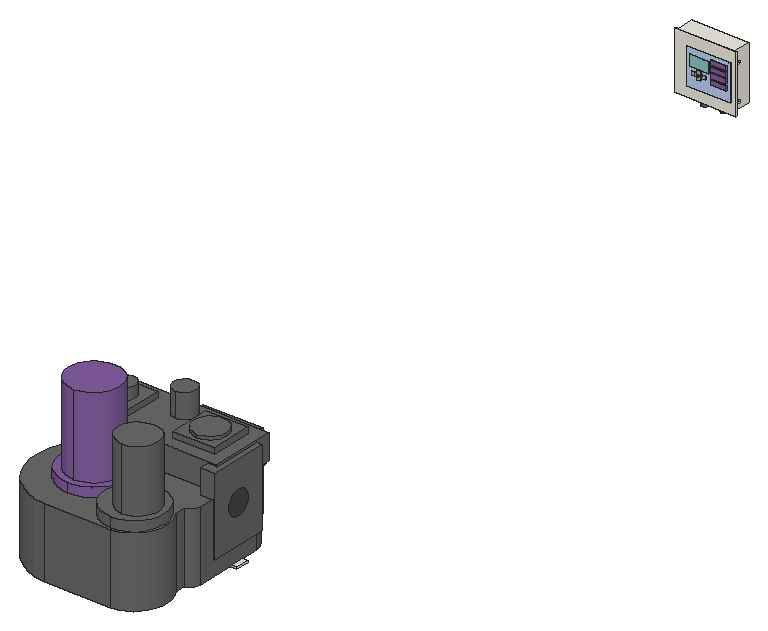
Revit family "28646-c", category Generic Models, Revit 2021
Family settings
  Can host rebar = No
  Round Connector Dimension = Use Diameter
  Part Type = Normal
  Work Plane-Based = No
  Always vertical = Yes
  Cut with Voids When Loaded = No
  Shared = Yes
  Room Calculation Point = No
Parameters (values of type "28646-C")
  SUPPLIER = "KESSEL"
  SA700ID50 = "intern"
  SA700ID49 = "Protection Class I"
  SA700ID48 = "no"
  SA700ID47 = "no"
  SA700ID46 = "yes"
  SA700ID37 = 7000 mm
  SA700ID34 = 38
  SA700ID33 = 1.6 W
  SA700ID32 = 46.75 kg
  SA700ID31 = 1
  SA700ID30 = 1
  SA700ID29 = "RWDR"
  SA700ID21 = 700
  SA700ID10 = "No"
  SA700ID08 = 230 V
  PROCUREWEBLINK = "https://p.caden.as/kessel/28646-C"
  PROCURELINK = "p.caden.as/kessel/28646-C"
  PROCUREDATALASTUPDATE = "2024-05-22T12:18:24.542421184+01:00"
  PRC_SPECIFICATIONLINK = "https://ausschreiben.de/catalog/kessel/catalogItem/4cf201f4-aa0f-46b4-a3e3-3f757cfe2bd4"
  NN = "Lifting station Aqualift F"
  NBSYN = "$SA810ID03."
  NB = "28646-C"
  Model = "28646-C"
  Manufacturer = "KESSEL"
  MIdent = "{$CADENAS_DATA/23d-libs/kessel/kessel_vdi_import/4/entwaesserung/hebeanlage20aqualift20f.prj},202 {STYP=ASS},{VTYP=3D},{NB=28646-C},{LINA=28646-C},{NN=Lifting station Aqualift F},{DATE=21.11.2022 10:45:45},{GEOMDATE=21.11.2022 10:45:45},{VERSION=},{LINEID=110},{WBVAR=LODLEVEL},{WBNUMERIC=LODLEVEL}  {NB=28646-C},{LINA=28646-C},{KT=DUMMY},{PREVIEW=../../bilder/ksb_w_28646c.png},{SA700ID04=Hebeanlage Aqualift F, Mono, Comfort, SPF 1400-S3},{SA810ID06=04026092058473},{SA700ID34=38.00},{SA010ID03=201805},{SA810ID03=28646-C},{SA810ID10=Die Hebeanlage für fäkalienhaltiges und fäkalienfreies Abwasser ist mit einer überflutbaren Pumpe sowie einem Rückflussverhinderer ausgestattet. Der Sammelbehälter aus dauerhaft beständigem Kunststoff (PE) bietet universale Anschlussmöglichkeiten und hat eine verschraubte Reinigungsöffnung.Die Steuerung erfolgt durch ein anwenderfreundliches Schaltgerät, das optional über einen potentialfreien Kontakt in die Gebäudeleittechnik eingebunden werden oder Alarm- und Sammelstörmeldungen über eine GSM-Schnittstelle (Comfort Schaltgerät) ausgeben kann.Ausführung:Absperreinrichtung: ohne SchieberAnlagenart: EinzelanlagePumpensteuerung: SchaltgerätRückflussverhinderer: integriertSchalldämmmatte: jaEinbausituation: freie AufstellungAbwasserart: fäkalienhaltigAllgemeine Merkmale:Farbe: schwarzNorm: EN 12050-1Abmessungen:Länge: 564 mmBreite: 525 mmHöhe: 539 mmBehälter/Grundkörper:Zulauf Anzahl: 1 STZulauf Nennweite (DN): 100 mmZulauf Nennweite (DA): 110 mmZulauf max. Anbohrung (DN): 150 mmAbstand Rohrsohle Zulauf zu Behälterboden: 125 mmAbstand Rohrmitte Zulauf zu Behälterboden: 180 mmAnschluss für Handmembranpumpe (DN): 32Behältervolumen: 50 lDruckabgang: senkrechtDruckabgang (DA): 110 mmDruckabgang (DN): 100 mmEntlüftungsanschluss (DN): 70 mmNutzvolumen: 20 lFreier Kugeldurchgang: 40 mmFördereinrichtung:Pumpe: SPF 1400Anzahl Pumpen: 1Förderhöhe max.: 7 mFörderleistung max.: 38 m3/hBetriebsart: S3 - 50 %Leistung P1: 1,6 kWLeistung P2: 1,1 kWDrehzahl: 1.370 U/minFörderguttemperatur (dauerhaft) max.: 40 °CAnschlusstyp: codierter SteckerGewicht: 25 kgLaufrad Typ: FreistromradLänge Netzanschlussleitung Pumpe: 5 mNennstrom: 7,3 ASchutzart Pumpe: IP 68 (3m/48h)Schutzklasse: ITyp Anschlussleitung Pumpe: H07RN-F 3G 1,0 mm2Temperaturüberwachung: integriertSteuerung:Schaltgerät: ComfortBetriebsspannung: 230 VNetzfrequenz: 50 HzSelbstdiagnosesystem (SDS): jaBatteriepufferung: jaMehrzeilige Displayanzeige: jaLogbuchfunktion: jaUSB-Schnittstelle: jaGSM-Schnittstelle: jaPotentialfreier Kontakt: optionalErforderliche Absicherung (Leitungsschutz): C 16 ASchutzart Schaltgerät: IP 54Länge Netzanschlussleitung Schaltgerät: 1,4 mArt Niveauerfassung: pneumatischInstrument Niveauerfassung: TauchrohrAlarmgeber: Tauchrohr},{SA700ID37=7.00},{SA700ID33=1.60},{SA700ID08=230},{SA700ID30=1},{SA700ID32=46.75},{SA700ID49=Schutzklasse I},{SA700ID50=intern},{SA200ID03=6},{SA250ID03=vertikal},{SA260ID03=Trockenläuferpumpe},{SA350ID03=normalansaugend},{SA400ID03=E-Motor für Wechselstrom},{SA460ID03=direkt},{SA500ID03=Kunststoff, Edelstahl},{SA700ID06=100},{SA700ID07=100},{SA700ID09=1/N/PE 230V},{SA700ID10=Nein},{SA700ID11=50},{SA700ID12=IP 68},{SA700ID13=F},{SA700ID15=40},{SA700ID21=700.00},{SA700ID22=1.10},{SA700ID23=1370},{SA700ID24=1370},{SA700ID26=7.30},{SA700ID27=23.00},{SA700ID28=durchgehend},{SA700ID29=RWDR},{SA700ID31=1},{SA700ID46=ja},{SA700ID47=nein},{SA700ID48=nein},{SA110ID04=Hebeanlage Aqualift F},{SA300ID03=einstufig},{SA700ID44=10.00},{SA700ID45=10.00},{SA010ID04=KESSEL AG},{LODLEVEL=200},{LINK=https://www.kessel.de/info?han=28646-C},{SA970ID01=970},{SA970ID02=7003},{SA970ID03=28646-C},{SA970ID04=11002617},{SA970ID05=QUAD},{SA970ID06=-285.5},{SA970ID07=-493.5100098},{SA970ID08=0},{SA970ID09=1},{SA970ID10=0},{SA970ID11=0},{SA970ID12=0},{SA970ID13=1},{SA970ID14=0},{SA970ID15=560},{SA970ID16=638.51001},{SA970ID17=537},{LODLEVEL_=200,'Low'},{LODLEVEL_DEU=200,'Low'},{LINK_=https://www.kessel.de/info?han=28646-C},{LINK_DEU=https://www.kessel.de/info?han=28646-C},{LODLEVEL_3DB=28646-C_200},{DNIN1=100},{DNIN2=70},{DNIN3=10},{DNIN4=50},{DNIN5=MIN},{DNIN6=MIN},{DNIN7=MIN},{DNIN8=MIN},{DNIN9=MIN},{DNOUT1=100},{DNOUT2=70},{DNOUT3=32},{ISDIN1=75},{ISDIN2=10.000},{ISDIN3=10},{ISDOUT1=70.000},{ISDOUT2=79.500},{ISDOUT3=75},{SA010ID01=010},{SA010ID02=4},{SA010ID06=www.kessel.de},{SA010ID07=www.kessel.de},{SA010ID12=20180713},{SA010ID13=DEU},{SA010ID14=DE},{SA100ID01=100},{SA100ID02=4},{SA100ID04=Entwässerung},{SA110ID01=110},{SA110ID02=4},{SA200ID01=200},{SA200ID02=6},{SA250ID01=250},{SA250ID02=2},{SA260ID01=260},{SA260ID02=2},{SA300ID01=300},{SA300ID02=1},{SA350ID01=350},{SA350ID02=1},{SA400ID01=400},{SA400ID02=1},{SA460ID01=460},{SA460ID02=1},{SA500ID01=500},{SA500ID02=1},{SA700ID01=700},{SA700ID02=29},{SA700ID10_=0},{SA700ID16=0},{SA700ID25=0},{SA700ID46_=1},{SA700ID47_=0},{SA700ID48_=0},{SA700ID49_=1},{SA700ID50_=2},{SA800ID01=800},{SA800ID02=29},{SA810ID01=810},{SA810ID02=29},{SA810ID04=28646-C},{SA810ID07=29},{SA810ID09=1},{SA810ID14=PCE},{SA810ID15=1},{SA810ID16=NMP},{SA960ID03=29},{SA960ID04=3L},{SA960ID08=https://www.kessel.de/info?han=28646-C},{SA010ID08=4026092000007},{SA100ID05=Hebeanlage},{SA110ID06=Hebeanlage}"
  LINK = "https://www.kessel.de/info?han=28646-C"
  LINA = "28646-C"
  Default Elevation = 0 mm
  CREATOR = "CADENAS GmbH"
  CATALOG = "KESSEL"
  BOMINFO = "LINA"
  ARTICLENO = "NB"
  4.810.00.9 Order quantity (multiplicator) = "1"
  4.810.00.7 Media- connection number = "29"
  4.810.00.6 GTIN number = "04026092058473"
  4.810.00.4 DATANORM number = "28646-C"
  4.810.00.3 Producer order number = "28646-C"
  4.710.03.7 Mass (net) = 46.75 kg
  4.710.03.6 Height = 539 mm
  4.710.03.5 Width = 525 mm
  4.710.03.4 Length = 564 mm
  4.710.03.3 Type of dimensions = "2"
  4.710.02.8 Area of application of wastewater pump = "1"
  4.710.02.7 Art des S2/S3-Betriebs = "50 %"
  4.710.02.6 Duty type = "S3"
  4.710.02.5 Cutting device = "0"
  4.710.02.4 Attached pump control = "1"
  4.710.02.3 Free passage = 40 mm
  4.710.01.6 Option to connect to building automation = "40"
  4.710.01.5 Load regulation = "0"
  4.710.01.4 Designation of closed-loop control = "20"
  4.710.01.3 Identifier for closed-loop control = "50"
  4.700.00.9 Voltage = 0
  4.700.00.8 Nominal connection size on suction side = "100"
  4.700.00.7 Nominal connection size on pressure side = "100"
  4.700.00.6 Type of connection = "100"
  4.700.00.4 Product indentification = "Hebeanlage Aqualift F, Mono, Comfort, SPF 1400-S3"
  4.700.00.28 Motor pump shaft = "durchgehend"
  4.700.00.27 Starting current = 23
  4.700.00.26 Maximum power consumption per pump / drive = 7.3
  4.700.00.25 Minimum speed at internal speed adjustment = 0
  4.700.00.24 Nominal speed / maximum speed n = 22.8333
  4.700.00.23 Nominal speed of motor = 22.8333
  4.700.00.22 Maximum shaft output (P2) per pump/drive = 1.1 W
  4.700.00.16 Maximum temperature of pumped medium = 0 °C
  4.700.00.15 Increased safety class = "40 °C"
  4.700.00.13 Type of protection = "F"
  4.700.00.12 Frequency = 0
  4.700.00.11 Stern-/Dreieck-Anlaufschaltung bei Dreiphasenanschluss oder Drehstrom = "50 Hz"
  4.700.00.10 Phase = "0"
  4.500.00.3 Variant / Variant type / Accessories-name = "Kunststoff, Edelstahl"
  4.460.00.3 Variant / Variant type / Accessories-name = "direkt"
  4.400.00.3 Variant / Variant type / Accessories-name = "E-Motor für Wechselstrom"
  4.350.00.3 Variant / Variant type / Accessories-name = "normalansaugend"
  4.300.00.3 Variant / Variant type / Accessories-name = "einstufig"
  4.260.00.3 Variant / Variant type / Accessories-name = "Trockenläuferpumpe"
  4.250.00.3 Variant / Variant type / Accessories-name = "vertikal"
  4.200.00.3 Variant / Variant type / Accessories-name = "6"
  4.110.00.6 Product classification = "Hebeanlage"
  4.110.00.4 Product indentification = "Hebeanlage Aqualift F"
  4.100.00.5 Main groups of wares = "Hebeanlage"
  4.100.00.4 Product indentification = "Entwässerung"
  4.010.00.8 Producer ID number = "4026092000007"
  4.010.00.7 Comment = "www.kessel.de"
  4.010.00.6 Web address of the manufacturer = "www.kessel.de"
  4.010.00.4 Manufacturer name = "KESSEL AG"
  4.010.00.3 Date of issuance (month) of guideline = "201805"
  4.010.00.2 Sheet number of the guideline = "4"
  4.010.00.14 Kennungen der Projektländer, für die die Datei gültig ist = "DE"
  4.010.00.13 Sprache der Datei = "DEU"
  4.010.00.12 Stand des Herstellerkatalogs = "20180713"
Reference planes
  plane 1 "Center (Front/Back)": y = 0
  plane 2: z = 0
  plane 3 "Center (Left/Right)": x = 0
Dimensions and locks
  aligned and locked: level to plane 2
Nested families
  nested 1: "28646-c_content" at (0, 0, 0), type "28646-C_Content"
  nested 2: "28646-c_part1_X0Y0" at (1000, 1000, 1200), type "28646-C_PART1_X0Y0"
  nested 3: "28646-c_part2_X0Y0" at (0, 0, 0), type "28646-C_PART2_X0Y0"
Connectors
  electrical at (936.5, 972.5, 1166.5)
    settings: on nested 2, index 1, voltage 0 V, apparent load 0 VA, apparent load phase1 0 VA, apparent load phase2 0 VA, apparent load phase3 0 VA, power factor 1, load classification "Other", number of poles 1, system type 31, power factor state 1, is connector primary yes, connector utility no, sub classification motor no, connector description ""
  piping at (105.4, 145, 181), diameter 100
    settings: on nested 3, index 2, connector inside diameter 609.6 mm, connector length 0 mm, flow factor 0, pipe flow 0.0 L/s, pressure drop 0.0 Pa, fitting loss kfactor 0, connector angle 0.00°, fixture units 0, engagement length 0 mm, angle of deflection 0.00°, flow configuration 0, flow direction 1, fitting loss method 2, system type 29, joint type 0, gender type 0, connector reference index -1, connector utility 0, adjustable connector no, is connector primary yes, connector description ""
  piping at (261, -99.998, 186), diameter 70
    settings: on nested 3, index 3, connector inside diameter 609.6 mm, connector length 0 mm, flow factor 0, pipe flow 0.0 L/s, pressure drop 0.0 Pa, fitting loss kfactor 0, connector angle 0.00°, fixture units 0, engagement length 0 mm, angle of deflection 0.00°, flow configuration 0, flow direction 0, fitting loss method 2, system type 29, joint type 0, gender type 0, connector reference index -1, connector utility 0, adjustable connector no, is connector primary no, connector description ""
  piping at (0, 0, 401), diameter 70
    settings: on nested 3, index 4, connector inside diameter 609.6 mm, connector length 0 mm, flow factor 0, pipe flow 0.0 L/s, pressure drop 0.0 Pa, fitting loss kfactor 0, connector angle 0.00°, fixture units 0, engagement length 0 mm, angle of deflection 0.00°, flow configuration 0, flow direction 2, fitting loss method 2, system type 29, joint type 0, gender type 0, connector reference index -1, connector utility 0, adjustable connector no, is connector primary no, connector description ""
  piping at (105.4, 145, 81), diameter 32
    settings: on nested 3, index 5, connector inside diameter 609.6 mm, connector length 0 mm, flow factor 0, pipe flow 0.0 L/s, pressure drop 0.0 Pa, fitting loss kfactor 0, connector angle 0.00°, fixture units 0, engagement length 0 mm, angle of deflection 0.00°, flow configuration 0, flow direction 2, fitting loss method 2, system type 29, joint type 0, gender type 0, connector reference index -1, connector utility 0, adjustable connector no, is connector primary no, connector description ""
  piping at (150.4, -384, 476), diameter 100
    settings: on nested 3, index 6, connector inside diameter 609.6 mm, connector length 0 mm, flow factor 0, pipe flow 0.0 L/s, pressure drop 0.0 Pa, fitting loss kfactor 0, connector angle 0.00°, fixture units 0, engagement length 0 mm, angle of deflection 0.00°, flow configuration 0, flow direction 2, fitting loss method 2, system type 29, joint type 0, gender type 0, connector reference index -1, connector utility 0, adjustable connector no, is connector primary no, connector description ""
  electrical at (-65, -299.8, 537)
    settings: on nested 3, index 7, voltage 0 V, apparent load 0 VA, apparent load phase1 0 VA, apparent load phase2 0 VA, apparent load phase3 0 VA, power factor 1, load classification "Other", number of poles 1, system type 31, power factor state 1, is connector primary no, connector utility no, sub classification motor no, connector description ""
  electrical at (-165.999, -46, 376.6)
    settings: on nested 3, index 8, voltage 0 V, apparent load 0 VA, apparent load phase1 0 VA, apparent load phase2 0 VA, apparent load phase3 0 VA, power factor 1, load classification "Other", number of poles 1, system type 31, power factor state 1, is connector primary no, connector utility no, sub classification motor no, connector description ""
Definition of nested family "28646-c_part1_X0Y0"
  Parameters (values of type "28646-C_PART1_X0Y0")
    SUPPLIER = "KESSEL"
    SA700ID50 = "intern"
    SA700ID49 = "Protection Class I"
    SA700ID48 = "no"
    SA700ID47 = "no"
    SA700ID46 = "yes"
    SA700ID37 = 7000 mm
    SA700ID34 = 38
    SA700ID33 = 1.6 W
    SA700ID32 = 46.75 kg
    SA700ID31 = 1
    SA700ID30 = 1
    SA700ID29 = "RWDR"
    SA700ID21 = 700
    SA700ID10 = "No"
    SA700ID08 = 230 V
    NBSYN = "$SA810ID03._PART1"
    NB = "28646-C_PART1"
    Model = "28646-C_PART1"
    Manufacturer = "KESSEL"
    MIdent = "{$CADENAS_DATA/23d-libs/kessel/kessel_vdi_import/4/entwaesserung/hebeanlage20aqualift20f.prj},222 {VTYP=3D},{NB=28646-C_PART1},{LINA=28646-C_PART1},{NN=Lifting station Aqualift F_PART1},{NOPRJ=TRUE},{DATE=21.11.2022 10:45:45},{GEOMDATE=21.11.2022 10:45:45},{VERSION=},{LINEID=110},{WBVAR=LODLEVEL},{WBNUMERIC=LODLEVEL}  {NB=28646-C_PART1},{LINA=28646-C_PART1},{KT=DUMMY},{PREVIEW=../../bilder/ksb_w_28646c.png},{SA700ID04=Hebeanlage Aqualift F, Mono, Comfort, SPF 1400-S3},{SA810ID06=04026092058473},{SA700ID34=38.00},{SA010ID03=201805},{SA810ID03=28646-C},{SA810ID10=Die Hebeanlage für fäkalienhaltiges und fäkalienfreies Abwasser ist mit einer überflutbaren Pumpe sowie einem Rückflussverhinderer ausgestattet. Der Sammelbehälter aus dauerhaft beständigem Kunststoff (PE) bietet universale Anschlussmöglichkeiten und hat eine verschraubte Reinigungsöffnung.Die Steuerung erfolgt durch ein anwenderfreundliches Schaltgerät, das optional über einen potentialfreien Kontakt in die Gebäudeleittechnik eingebunden werden oder Alarm- und Sammelstörmeldungen über eine GSM-Schnittstelle (Comfort Schaltgerät) ausgeben kann.Ausführung:Absperreinrichtung: ohne SchieberAnlagenart: EinzelanlagePumpensteuerung: SchaltgerätRückflussverhinderer: integriertSchalldämmmatte: jaEinbausituation: freie AufstellungAbwasserart: fäkalienhaltigAllgemeine Merkmale:Farbe: schwarzNorm: EN 12050-1Abmessungen:Länge: 564 mmBreite: 525 mmHöhe: 539 mmBehälter/Grundkörper:Zulauf Anzahl: 1 STZulauf Nennweite (DN): 100 mmZulauf Nennweite (DA): 110 mmZulauf max. Anbohrung (DN): 150 mmAbstand Rohrsohle Zulauf zu Behälterboden: 125 mmAbstand Rohrmitte Zulauf zu Behälterboden: 180 mmAnschluss für Handmembranpumpe (DN): 32Behältervolumen: 50 lDruckabgang: senkrechtDruckabgang (DA): 110 mmDruckabgang (DN): 100 mmEntlüftungsanschluss (DN): 70 mmNutzvolumen: 20 lFreier Kugeldurchgang: 40 mmFördereinrichtung:Pumpe: SPF 1400Anzahl Pumpen: 1Förderhöhe max.: 7 mFörderleistung max.: 38 m3/hBetriebsart: S3 - 50 %Leistung P1: 1,6 kWLeistung P2: 1,1 kWDrehzahl: 1.370 U/minFörderguttemperatur (dauerhaft) max.: 40 °CAnschlusstyp: codierter SteckerGewicht: 25 kgLaufrad Typ: FreistromradLänge Netzanschlussleitung Pumpe: 5 mNennstrom: 7,3 ASchutzart Pumpe: IP 68 (3m/48h)Schutzklasse: ITyp Anschlussleitung Pumpe: H07RN-F 3G 1,0 mm2Temperaturüberwachung: integriertSteuerung:Schaltgerät: ComfortBetriebsspannung: 230 VNetzfrequenz: 50 HzSelbstdiagnosesystem (SDS): jaBatteriepufferung: jaMehrzeilige Displayanzeige: jaLogbuchfunktion: jaUSB-Schnittstelle: jaGSM-Schnittstelle: jaPotentialfreier Kontakt: optionalErforderliche Absicherung (Leitungsschutz): C 16 ASchutzart Schaltgerät: IP 54Länge Netzanschlussleitung Schaltgerät: 1,4 mArt Niveauerfassung: pneumatischInstrument Niveauerfassung: TauchrohrAlarmgeber: Tauchrohr},{SA700ID37=7.00},{SA700ID33=1.60},{SA700ID08=230},{SA700ID30=1},{SA700ID32=46.75},{SA700ID49=Schutzklasse I},{SA700ID50=intern},{SA200ID03=6},{SA250ID03=vertikal},{SA260ID03=Trockenläuferpumpe},{SA350ID03=normalansaugend},{SA400ID03=E-Motor für Wechselstrom},{SA460ID03=direkt},{SA500ID03=Kunststoff, Edelstahl},{SA700ID06=100},{SA700ID07=100},{SA700ID09=1/N/PE 230V},{SA700ID10=Nein},{SA700ID11=50},{SA700ID12=IP 68},{SA700ID13=F},{SA700ID15=40},{SA700ID21=700.00},{SA700ID22=1.10},{SA700ID23=1370},{SA700ID24=1370},{SA700ID26=7.30},{SA700ID27=23.00},{SA700ID28=durchgehend},{SA700ID29=RWDR},{SA700ID31=1},{SA700ID46=ja},{SA700ID47=nein},{SA700ID48=nein},{SA110ID04=Hebeanlage Aqualift F},{SA300ID03=einstufig},{SA700ID44=10.00},{SA700ID45=10.00},{SA010ID04=KESSEL AG},{LODLEVEL=200},{LINK=https://www.kessel.de/info?han=28646-C},{SA970ID01=970},{SA970ID02=7003},{SA970ID03=28646-C},{SA970ID04=11002617},{SA970ID05=QUAD},{SA970ID06=-285.5},{SA970ID07=-493.5100098},{SA970ID08=0},{SA970ID09=1},{SA970ID10=0},{SA970ID11=0},{SA970ID12=0},{SA970ID13=1},{SA970ID14=0},{SA970ID15=560},{SA970ID16=638.51001},{SA970ID17=537},{LODLEVEL_=200,'Low'},{LODLEVEL_DEU=200,'Low'},{LINK_=https://www.kessel.de/info?han=28646-C},{LINK_DEU=https://www.kessel.de/info?han=28646-C},{LODLEVEL_3DB=28646-C_200},{DNIN1=100},{DNIN2=70},{DNIN3=10},{DNIN4=50},{DNIN5=MIN},{DNIN6=MIN},{DNIN7=MIN},{DNIN8=MIN},{DNIN9=MIN},{DNOUT1=100},{DNOUT2=70},{DNOUT3=32},{ISDIN1=75},{ISDIN2=10.000},{ISDIN3=10},{ISDOUT1=70.000},{ISDOUT2=79.500},{ISDOUT3=75},{SA010ID01=010},{SA010ID02=4},{SA010ID06=www.kessel.de},{SA010ID07=www.kessel.de},{SA010ID12=20180713},{SA010ID13=DEU},{SA010ID14=DE},{SA100ID01=100},{SA100ID02=4},{SA100ID04=Entwässerung},{SA110ID01=110},{SA110ID02=4},{SA200ID01=200},{SA200ID02=6},{SA250ID01=250},{SA250ID02=2},{SA260ID01=260},{SA260ID02=2},{SA300ID01=300},{SA300ID02=1},{SA350ID01=350},{SA350ID02=1},{SA400ID01=400},{SA400ID02=1},{SA460ID01=460},{SA460ID02=1},{SA500ID01=500},{SA500ID02=1},{SA700ID01=700},{SA700ID02=29},{SA700ID10_=0},{SA700ID16=0},{SA700ID25=0},{SA700ID46_=1},{SA700ID47_=0},{SA700ID48_=0},{SA700ID49_=1},{SA700ID50_=2},{SA800ID01=800},{SA800ID02=29},{SA810ID01=810},{SA810ID02=29},{SA810ID04=28646-C},{SA810ID07=29},{SA810ID09=1},{SA810ID14=PCE},{SA810ID15=1},{SA810ID16=NMP},{SA960ID03=29},{SA960ID04=3L},{SA960ID08=https://www.kessel.de/info?han=28646-C},{SA010ID08=4026092000007},{SA100ID05=Hebeanlage},{SA110ID06=Hebeanlage}"
    LINK = "https://www.kessel.de/info?han=28646-C"
    LINA = "28646-C_PART1"
    Default Elevation = 1219.2 mm
    CREATOR = "CADENAS GmbH"
    CATALOG = "KESSEL"
    BOMINFO = "LINA"
    ARTICLENO = "NB"
    4.810.00.9 Order quantity (multiplicator) = "1"
    4.810.00.7 Media- connection number = "29"
    4.810.00.6 GTIN number = "04026092058473"
    4.810.00.4 DATANORM number = "28646-C"
    4.810.00.3 Producer order number = "28646-C"
    4.710.03.7 Mass (net) = 46.75 kg
    4.710.03.6 Height = 539 mm
    4.710.03.5 Width = 525 mm
    4.710.03.4 Length = 564 mm
    4.710.03.3 Type of dimensions = "2"
    4.710.02.8 Area of application of wastewater pump = "1"
    4.710.02.7 Art des S2/S3-Betriebs = "50 %"
    4.710.02.6 Duty type = "S3"
    4.710.02.5 Cutting device = "0"
    4.710.02.4 Attached pump control = "1"
    4.710.02.3 Free passage = 40 mm
    4.710.01.6 Option to connect to building automation = "40"
    4.710.01.5 Load regulation = "0"
    4.710.01.4 Designation of closed-loop control = "20"
    4.710.01.3 Identifier for closed-loop control = "50"
    4.700.00.9 Voltage = 0
    4.700.00.8 Nominal connection size on suction side = "100"
    4.700.00.7 Nominal connection size on pressure side = "100"
    4.700.00.6 Type of connection = "100"
    4.700.00.4 Product indentification = "Hebeanlage Aqualift F, Mono, Comfort, SPF 1400-S3"
    4.700.00.28 Motor pump shaft = "durchgehend"
    4.700.00.27 Starting current = 23
    4.700.00.26 Maximum power consumption per pump / drive = 7.3
    4.700.00.25 Minimum speed at internal speed adjustment = 0
    4.700.00.24 Nominal speed / maximum speed n = 22.8333
    4.700.00.23 Nominal speed of motor = 22.8333
    4.700.00.22 Maximum shaft output (P2) per pump/drive = 1.1 W
    4.700.00.16 Maximum temperature of pumped medium = 0 °C
    4.700.00.15 Increased safety class = "40 °C"
    4.700.00.13 Type of protection = "F"
    4.700.00.12 Frequency = 0
    4.700.00.11 Stern-/Dreieck-Anlaufschaltung bei Dreiphasenanschluss oder Drehstrom = "50 Hz"
    4.700.00.10 Phase = "0"
    4.500.00.3 Variant / Variant type / Accessories-name = "Kunststoff, Edelstahl"
    4.460.00.3 Variant / Variant type / Accessories-name = "direkt"
    4.400.00.3 Variant / Variant type / Accessories-name = "E-Motor für Wechselstrom"
    4.350.00.3 Variant / Variant type / Accessories-name = "normalansaugend"
    4.300.00.3 Variant / Variant type / Accessories-name = "einstufig"
    4.260.00.3 Variant / Variant type / Accessories-name = "Trockenläuferpumpe"
    4.250.00.3 Variant / Variant type / Accessories-name = "vertikal"
    4.200.00.3 Variant / Variant type / Accessories-name = "6"
    4.110.00.6 Product classification = "Hebeanlage"
    4.110.00.4 Product indentification = "Hebeanlage Aqualift F"
    4.100.00.5 Main groups of wares = "Hebeanlage"
    4.100.00.4 Product indentification = "Entwässerung"
    4.010.00.8 Producer ID number = "4026092000007"
    4.010.00.7 Comment = "www.kessel.de"
    4.010.00.6 Web address of the manufacturer = "www.kessel.de"
    4.010.00.4 Manufacturer name = "KESSEL AG"
    4.010.00.3 Date of issuance (month) of guideline = "201805"
    4.010.00.2 Sheet number of the guideline = "4"
    4.010.00.14 Kennungen der Projektländer, für die die Datei gültig ist = "DE"
    4.010.00.13 Sprache der Datei = "DEU"
    4.010.00.12 Stand des Herstellerkatalogs = "20180713"
  Reference planes
    plane 1 "Center (Front/Back)": y = 0
    plane 2: z = 0
    plane 3 "Center (Left/Right)": x = 0
  Dimensions and locks
    aligned and locked: level to plane 2
  Nested families
    nested 1: "28646-c_part1_content" at (0, 0, 0), type "28646-C_PART1_Content"
  Definition of nested family "28646-c_part1_content"
    Parameters (values of type "28646-C_PART1_Content")
      SUPPLIER = "KESSEL"
      SA700ID50 = "intern"
      SA700ID49 = "Protection Class I"
      SA700ID48 = "no"
      SA700ID47 = "no"
      SA700ID46 = "yes"
      SA700ID37 = 7000 mm
      SA700ID34 = 38
      SA700ID33 = 1.6 W
      SA700ID32 = 46.75 kg
      SA700ID31 = 1
      SA700ID30 = 1
      SA700ID29 = "RWDR"
      SA700ID21 = 700
      SA700ID10 = "No"
      SA700ID08 = 230 V
      NBSYN = "$SA810ID03._PART1"
      NB = "28646-C_PART1"
      Model = "28646-C_PART1"
      Manufacturer = "KESSEL"
      LINK = "https://www.kessel.de/info?han=28646-C"
      LINA = "28646-C_PART1"
      Default Elevation = 1219.2 mm
      CREATOR = "CADENAS GmbH"
      CATALOG = "KESSEL"
      BOMINFO = "LINA"
      ARTICLENO = "NB"
      4.810.00.9 Order quantity (multiplicator) = "1"
      4.810.00.7 Media- connection number = "29"
      4.810.00.6 GTIN number = "04026092058473"
      4.810.00.4 DATANORM number = "28646-C"
      4.810.00.3 Producer order number = "28646-C"
      4.710.03.7 Mass (net) = 46.75 kg
      4.710.03.6 Height = 539 mm
      4.710.03.5 Width = 525 mm
      4.710.03.4 Length = 564 mm
      4.710.03.3 Type of dimensions = "2"
      4.710.02.8 Area of application of wastewater pump = "1"
      4.710.02.7 Art des S2/S3-Betriebs = "50 %"
      4.710.02.6 Duty type = "S3"
      4.710.02.5 Cutting device = "0"
      4.710.02.4 Attached pump control = "1"
      4.710.02.3 Free passage = 40 mm
      4.710.01.6 Option to connect to building automation = "40"
      4.710.01.5 Load regulation = "0"
      4.710.01.4 Designation of closed-loop control = "20"
      4.710.01.3 Identifier for closed-loop control = "50"
      4.700.00.9 Voltage = 0
      4.700.00.8 Nominal connection size on suction side = "100"
      4.700.00.7 Nominal connection size on pressure side = "100"
      4.700.00.6 Type of connection = "100"
      4.700.00.4 Product indentification = "Hebeanlage Aqualift F, Mono, Comfort, SPF 1400-S3"
      4.700.00.28 Motor pump shaft = "durchgehend"
      4.700.00.27 Starting current = 23
      4.700.00.26 Maximum power consumption per pump / drive = 7.3
      4.700.00.25 Minimum speed at internal speed adjustment = 0
      4.700.00.24 Nominal speed / maximum speed n = 22.8333
      4.700.00.23 Nominal speed of motor = 22.8333
      4.700.00.22 Maximum shaft output (P2) per pump/drive = 1.1 W
      4.700.00.16 Maximum temperature of pumped medium = 0 °C
      4.700.00.15 Increased safety class = "40 °C"
      4.700.00.13 Type of protection = "F"
      4.700.00.12 Frequency = 0
      4.700.00.11 Stern-/Dreieck-Anlaufschaltung bei Dreiphasenanschluss oder Drehstrom = "50 Hz"
      4.700.00.10 Phase = "0"
      4.500.00.3 Variant / Variant type / Accessories-name = "Kunststoff, Edelstahl"
      4.460.00.3 Variant / Variant type / Accessories-name = "direkt"
      4.400.00.3 Variant / Variant type / Accessories-name = "E-Motor für Wechselstrom"
      4.350.00.3 Variant / Variant type / Accessories-name = "normalansaugend"
      4.300.00.3 Variant / Variant type / Accessories-name = "einstufig"
      4.260.00.3 Variant / Variant type / Accessories-name = "Trockenläuferpumpe"
      4.250.00.3 Variant / Variant type / Accessories-name = "vertikal"
      4.200.00.3 Variant / Variant type / Accessories-name = "6"
      4.110.00.6 Product classification = "Hebeanlage"
      4.110.00.4 Product indentification = "Hebeanlage Aqualift F"
      4.100.00.5 Main groups of wares = "Hebeanlage"
      4.100.00.4 Product indentification = "Entwässerung"
      4.010.00.8 Producer ID number = "4026092000007"
      4.010.00.7 Comment = "www.kessel.de"
      4.010.00.6 Web address of the manufacturer = "www.kessel.de"
      4.010.00.4 Manufacturer name = "KESSEL AG"
      4.010.00.3 Date of issuance (month) of guideline = "201805"
      4.010.00.2 Sheet number of the guideline = "4"
      4.010.00.14 Kennungen der Projektländer, für die die Datei gültig ist = "DE"
      4.010.00.13 Sprache der Datei = "DEU"
      4.010.00.12 Stand des Herstellerkatalogs = "20180713"
    Reference planes
      plane 1 "Center (Front/Back)": y = 0
      plane 2: z = 0
      plane 3 "Center (Left/Right)": x = 0
    Forms (mm)
      Extrusion 1, solid, detail levels medium+fine
        sketch origin (94.5, 0, 0) x (0, -1, 0) y (0, 0, 1)
          loop
            line (0, 181) -> (0, 0) -> (66, 0) -> (66, 181) -> (0, 181)
        from 0 to 189
      Extrusion 2, solid, detail levels medium+fine
        sketch origin (108.5, -66, -7) x (0, -1, 0) y (0, 0, 1)
          loop
            line (0, 194) -> (0, 0) -> (2, 0) -> (2, 194) -> (0, 194)
        from 0 to 208
      Extrusion 3, solid, detail levels medium+fine
        sketch origin (90, -68, 26.5) x (0, -1, 0) y (0, 0, 1)
          loop
            line (-1.2, 120) -> (-1.2, 0) -> (0.25, 0) -> (0.25, 120) -> (-1.2, 120)
        from 0 to 146
      Extrusion 4, solid, detail levels medium+fine
        sketch origin (5.5, -68.25, 66) x (0, -1, 0) y (0, 0, 1)
          loop
            line (-1, 12) -> (-1, 0) -> (0.5, 0) -> (0.5, 12) -> (-1, 12)
        from 0 to 12
      Extrusion 5, solid, detail levels medium+fine
        sketch origin (76.25, -68.25, 79) x (0, -1, 0) y (0, 0, 1)
          loop
            line (0, 16) -> (0, 0) -> (1.75, 0) -> (1.75, 16) -> (0, 16)
        from 0 to 51
      Extrusion 6, solid, detail levels medium+fine
        sketch origin (-11.75, -68.25, 74) x (0, -1, 0) y (0, 0, 1)
          loop
            line (-1, 12) -> (-1, 0) -> (0.5, 0) -> (0.5, 12) -> (-1, 12)
        from 0 to 12
      Extrusion 7, solid, detail levels medium+fine
        sketch origin (76.25, -68.25, 59) x (0, -1, 0) y (0, 0, 1)
          loop
            line (0, 16) -> (0, 0) -> (1.75, 0) -> (1.75, 16) -> (0, 16)
        from 0 to 51
      Extrusion 8, solid, detail levels medium+fine
        sketch origin (17.4, -68.25, 89.5) x (0, -1, 0) y (0, 0, 1)
          loop
            line (-1, 37) -> (-1, 0) -> (0.5, 0) -> (0.5, 37) -> (-1, 37)
        from 0 to 66
      Extrusion 9, solid, detail levels medium+fine
        sketch origin (76.25, -68.25, 99) x (0, -1, 0) y (0, 0, 1)
          loop
            line (0, 16) -> (0, 0) -> (1.75, 0) -> (1.75, 16) -> (0, 16)
        from 0 to 51
      Extrusion 10, solid, detail levels medium+fine
        sketch origin (-11.75, -68.25, 57.5) x (0, -1, 0) y (0, 0, 1)
          loop
            line (-1, 12) -> (-1, 0) -> (0.5, 0) -> (0.5, 12) -> (-1, 12)
        from 0 to 12
      Extrusion 11, solid, detail levels medium+fine
        sketch origin (76.25, -68.25, 119) x (0, -1, 0) y (0, 0, 1)
          loop
            line (0, 16) -> (0, 0) -> (1.75, 0) -> (1.75, 16) -> (0, 16)
        from 0 to 51
      Extrusion 12, solid, detail levels medium+fine
        sketch origin (-29, -68.25, 66) x (0, -1, 0) y (0, 0, 1)
          loop
            line (-1, 12) -> (-1, 0) -> (0.5, 0) -> (0.5, 12) -> (-1, 12)
        from 0 to 12
      Extrusion 13, solid, detail levels medium+fine
        sketch origin (5, -27.5, 0) x (1, 0, 0) y (0, -1, 0)
          loop
            circle (0, 0) r 11
        from 0 to 17.3
      Extrusion 14, solid, detail levels medium+fine
        sketch origin (5, -27.5, -17.2) x (1, 0, 0) y (0, -1, 0)
          loop
            circle (0, 0) r 8.65
        from 0 to 9.8
      Extrusion 15, solid, detail levels medium+fine
        sketch origin (-29, -27.5, 0) x (1, 0, 0) y (0, -1, 0)
          loop
            circle (0, 0) r 11.4
        from 0 to 9
      Extrusion 16, solid, detail levels medium+fine
        sketch origin (-29, -27.5, -9) x (1, 0, 0) y (0, -1, 0)
          loop
            circle (0, 0) r 11.75
        from 0 to 28
      Extrusion 17, solid, detail levels medium+fine
        sketch origin (33, -27.5, 0) x (1, 0, 0) y (0, -1, 0)
          loop
            circle (0, 0) r 11
        from 0 to 11
      Extrusion 18, solid, detail levels medium+fine
        sketch origin (33, -27.5, -11) x (1, 0, 0) y (0, -1, 0)
          loop
            circle (0, 0) r 11
        from 0 to 19.8
      Extrusion 19, solid, detail levels medium+fine
        sketch origin (33, -27.5, -30.7) x (1, 0, 0) y (0, -1, 0)
          loop
            circle (0, 0) r 6
        from 0 to 8
      Extrusion 20, solid, detail levels medium+fine
        sketch origin (57.5, -27.5, 0) x (1, 0, 0) y (0, -1, 0)
          loop
            circle (0, 0) r 10
        from 0 to 1.5
      Extrusion 21, solid, detail levels medium+fine
        sketch origin (106.5, -50, 145) x (0, -1, 0) y (0, 0, 1)
          loop
            line (0, 4) -> (0, 0) -> (16, 0) -> (16, 4) -> (0, 4)
        from 0 to 12
      Extrusion 22, solid, detail levels medium+fine
        sketch origin (106.5, -50, 149) x (0, -1, 0) y (0, 0, 1)
          loop
            line (0, 4) -> (0, 0) -> (12, 0) -> (12, 4) -> (0, 4)
        from 0 to 16
      Extrusion 23, solid, detail levels medium+fine
        sketch origin (106.5, -50, 26) x (0, -1, 0) y (0, 0, 1)
          loop
            line (0, 4) -> (0, 0) -> (16, 0) -> (16, 4) -> (0, 4)
        from 0 to 12
      Extrusion 24, solid, detail levels medium+fine
        sketch origin (106.5, -50, 30) x (0, -1, 0) y (0, 0, 1)
          loop
            line (0, 4) -> (0, 0) -> (12, 0) -> (12, 4) -> (0, 4)
        from 0 to 16
      Extrusion 25, solid, detail levels medium+fine
        sketch origin (-63.5, -27.5, 0) x (1, 0, 0) y (0, -1, 0)
          loop
            circle (0, 0) r 11
        from 0 to 23.5
      Extrusion 26, solid, detail levels medium+fine
        sketch origin (-63.5, -27.5, -23.5) x (1, 0, 0) y (0, -1, 0)
          loop
            circle (0, 0) r 3
        from 0 to 10
      Extrusion 27, solid, detail levels medium+fine
        sketch origin (79.5, -27.5, 0) x (1, 0, 0) y (0, -1, 0)
          loop
            circle (0, 0) r 10
        from 0 to 1.5
      Extrusion 28, solid, detail levels coarse
        sketch origin (4.5, -35, -38.7) x (1, 0, 0) y (0, 1, 0)
          loop
            line (-104, -35) -> (104, -35) -> (104, 35) -> (-104, 35) -> (-104, -35)
        from 0 to 225.7
    Dimensions and locks
      aligned and locked: level to plane 2
Definition of nested family "28646-c_part2_X0Y0"
  Parameters (values of type "28646-C_PART2_X0Y0")
    SUPPLIER = "KESSEL"
    SA700ID50 = "intern"
    SA700ID49 = "Protection Class I"
    SA700ID48 = "no"
    SA700ID47 = "no"
    SA700ID46 = "yes"
    SA700ID37 = 7000 mm
    SA700ID34 = 38
    SA700ID33 = 1.6 W
    SA700ID32 = 46.75 kg
    SA700ID31 = 1
    SA700ID30 = 1
    SA700ID29 = "RWDR"
    SA700ID21 = 700
    SA700ID10 = "No"
    SA700ID08 = 230 V
    NBSYN = "$SA810ID03._PART2"
    NB = "28646-C_PART2"
    Model = "28646-C_PART2"
    Manufacturer = "KESSEL"
    MIdent = "{$CADENAS_DATA/23d-libs/kessel/kessel_vdi_import/4/entwaesserung/hebeanlage20aqualift20f.prj},222 {VTYP=3D},{NB=28646-C_PART2},{LINA=28646-C_PART2},{NN=Lifting station Aqualift F_PART2},{NOPRJ=TRUE},{DATE=21.11.2022 10:45:45},{GEOMDATE=21.11.2022 10:45:45},{VERSION=},{LINEID=110},{WBVAR=LODLEVEL},{WBNUMERIC=LODLEVEL}  {NB=28646-C_PART2},{LINA=28646-C_PART2},{KT=DUMMY},{PREVIEW=../../bilder/ksb_w_28646c.png},{SA700ID04=Hebeanlage Aqualift F, Mono, Comfort, SPF 1400-S3},{SA810ID06=04026092058473},{SA700ID34=38.00},{SA010ID03=201805},{SA810ID03=28646-C},{SA810ID10=Die Hebeanlage für fäkalienhaltiges und fäkalienfreies Abwasser ist mit einer überflutbaren Pumpe sowie einem Rückflussverhinderer ausgestattet. Der Sammelbehälter aus dauerhaft beständigem Kunststoff (PE) bietet universale Anschlussmöglichkeiten und hat eine verschraubte Reinigungsöffnung.Die Steuerung erfolgt durch ein anwenderfreundliches Schaltgerät, das optional über einen potentialfreien Kontakt in die Gebäudeleittechnik eingebunden werden oder Alarm- und Sammelstörmeldungen über eine GSM-Schnittstelle (Comfort Schaltgerät) ausgeben kann.Ausführung:Absperreinrichtung: ohne SchieberAnlagenart: EinzelanlagePumpensteuerung: SchaltgerätRückflussverhinderer: integriertSchalldämmmatte: jaEinbausituation: freie AufstellungAbwasserart: fäkalienhaltigAllgemeine Merkmale:Farbe: schwarzNorm: EN 12050-1Abmessungen:Länge: 564 mmBreite: 525 mmHöhe: 539 mmBehälter/Grundkörper:Zulauf Anzahl: 1 STZulauf Nennweite (DN): 100 mmZulauf Nennweite (DA): 110 mmZulauf max. Anbohrung (DN): 150 mmAbstand Rohrsohle Zulauf zu Behälterboden: 125 mmAbstand Rohrmitte Zulauf zu Behälterboden: 180 mmAnschluss für Handmembranpumpe (DN): 32Behältervolumen: 50 lDruckabgang: senkrechtDruckabgang (DA): 110 mmDruckabgang (DN): 100 mmEntlüftungsanschluss (DN): 70 mmNutzvolumen: 20 lFreier Kugeldurchgang: 40 mmFördereinrichtung:Pumpe: SPF 1400Anzahl Pumpen: 1Förderhöhe max.: 7 mFörderleistung max.: 38 m3/hBetriebsart: S3 - 50 %Leistung P1: 1,6 kWLeistung P2: 1,1 kWDrehzahl: 1.370 U/minFörderguttemperatur (dauerhaft) max.: 40 °CAnschlusstyp: codierter SteckerGewicht: 25 kgLaufrad Typ: FreistromradLänge Netzanschlussleitung Pumpe: 5 mNennstrom: 7,3 ASchutzart Pumpe: IP 68 (3m/48h)Schutzklasse: ITyp Anschlussleitung Pumpe: H07RN-F 3G 1,0 mm2Temperaturüberwachung: integriertSteuerung:Schaltgerät: ComfortBetriebsspannung: 230 VNetzfrequenz: 50 HzSelbstdiagnosesystem (SDS): jaBatteriepufferung: jaMehrzeilige Displayanzeige: jaLogbuchfunktion: jaUSB-Schnittstelle: jaGSM-Schnittstelle: jaPotentialfreier Kontakt: optionalErforderliche Absicherung (Leitungsschutz): C 16 ASchutzart Schaltgerät: IP 54Länge Netzanschlussleitung Schaltgerät: 1,4 mArt Niveauerfassung: pneumatischInstrument Niveauerfassung: TauchrohrAlarmgeber: Tauchrohr},{SA700ID37=7.00},{SA700ID33=1.60},{SA700ID08=230},{SA700ID30=1},{SA700ID32=46.75},{SA700ID49=Schutzklasse I},{SA700ID50=intern},{SA200ID03=6},{SA250ID03=vertikal},{SA260ID03=Trockenläuferpumpe},{SA350ID03=normalansaugend},{SA400ID03=E-Motor für Wechselstrom},{SA460ID03=direkt},{SA500ID03=Kunststoff, Edelstahl},{SA700ID06=100},{SA700ID07=100},{SA700ID09=1/N/PE 230V},{SA700ID10=Nein},{SA700ID11=50},{SA700ID12=IP 68},{SA700ID13=F},{SA700ID15=40},{SA700ID21=700.00},{SA700ID22=1.10},{SA700ID23=1370},{SA700ID24=1370},{SA700ID26=7.30},{SA700ID27=23.00},{SA700ID28=durchgehend},{SA700ID29=RWDR},{SA700ID31=1},{SA700ID46=ja},{SA700ID47=nein},{SA700ID48=nein},{SA110ID04=Hebeanlage Aqualift F},{SA300ID03=einstufig},{SA700ID44=10.00},{SA700ID45=10.00},{SA010ID04=KESSEL AG},{LODLEVEL=200},{LINK=https://www.kessel.de/info?han=28646-C},{SA970ID01=970},{SA970ID02=7003},{SA970ID03=28646-C},{SA970ID04=11002617},{SA970ID05=QUAD},{SA970ID06=-285.5},{SA970ID07=-493.5100098},{SA970ID08=0},{SA970ID09=1},{SA970ID10=0},{SA970ID11=0},{SA970ID12=0},{SA970ID13=1},{SA970ID14=0},{SA970ID15=560},{SA970ID16=638.51001},{SA970ID17=537},{LODLEVEL_=200,'Low'},{LODLEVEL_DEU=200,'Low'},{LINK_=https://www.kessel.de/info?han=28646-C},{LINK_DEU=https://www.kessel.de/info?han=28646-C},{LODLEVEL_3DB=28646-C_200},{DNIN1=100},{DNIN2=70},{DNIN3=10},{DNIN4=50},{DNIN5=MIN},{DNIN6=MIN},{DNIN7=MIN},{DNIN8=MIN},{DNIN9=MIN},{DNOUT1=100},{DNOUT2=70},{DNOUT3=32},{ISDIN1=75},{ISDIN2=10.000},{ISDIN3=10},{ISDOUT1=70.000},{ISDOUT2=79.500},{ISDOUT3=75},{SA010ID01=010},{SA010ID02=4},{SA010ID06=www.kessel.de},{SA010ID07=www.kessel.de},{SA010ID12=20180713},{SA010ID13=DEU},{SA010ID14=DE},{SA100ID01=100},{SA100ID02=4},{SA100ID04=Entwässerung},{SA110ID01=110},{SA110ID02=4},{SA200ID01=200},{SA200ID02=6},{SA250ID01=250},{SA250ID02=2},{SA260ID01=260},{SA260ID02=2},{SA300ID01=300},{SA300ID02=1},{SA350ID01=350},{SA350ID02=1},{SA400ID01=400},{SA400ID02=1},{SA460ID01=460},{SA460ID02=1},{SA500ID01=500},{SA500ID02=1},{SA700ID01=700},{SA700ID02=29},{SA700ID10_=0},{SA700ID16=0},{SA700ID25=0},{SA700ID46_=1},{SA700ID47_=0},{SA700ID48_=0},{SA700ID49_=1},{SA700ID50_=2},{SA800ID01=800},{SA800ID02=29},{SA810ID01=810},{SA810ID02=29},{SA810ID04=28646-C},{SA810ID07=29},{SA810ID09=1},{SA810ID14=PCE},{SA810ID15=1},{SA810ID16=NMP},{SA960ID03=29},{SA960ID04=3L},{SA960ID08=https://www.kessel.de/info?han=28646-C},{SA010ID08=4026092000007},{SA100ID05=Hebeanlage},{SA110ID06=Hebeanlage}"
    LINK = "https://www.kessel.de/info?han=28646-C"
    LINA = "28646-C_PART2"
    Default Elevation = 1219.2 mm
    CREATOR = "CADENAS GmbH"
    CATALOG = "KESSEL"
    BOMINFO = "LINA"
    ARTICLENO = "NB"
    4.810.00.9 Order quantity (multiplicator) = "1"
    4.810.00.7 Media- connection number = "29"
    4.810.00.6 GTIN number = "04026092058473"
    4.810.00.4 DATANORM number = "28646-C"
    4.810.00.3 Producer order number = "28646-C"
    4.710.03.7 Mass (net) = 46.75 kg
    4.710.03.6 Height = 539 mm
    4.710.03.5 Width = 525 mm
    4.710.03.4 Length = 564 mm
    4.710.03.3 Type of dimensions = "2"
    4.710.02.8 Area of application of wastewater pump = "1"
    4.710.02.7 Art des S2/S3-Betriebs = "50 %"
    4.710.02.6 Duty type = "S3"
    4.710.02.5 Cutting device = "0"
    4.710.02.4 Attached pump control = "1"
    4.710.02.3 Free passage = 40 mm
    4.710.01.6 Option to connect to building automation = "40"
    4.710.01.5 Load regulation = "0"
    4.710.01.4 Designation of closed-loop control = "20"
    4.710.01.3 Identifier for closed-loop control = "50"
    4.700.00.9 Voltage = 0
    4.700.00.8 Nominal connection size on suction side = "100"
    4.700.00.7 Nominal connection size on pressure side = "100"
    4.700.00.6 Type of connection = "100"
    4.700.00.4 Product indentification = "Hebeanlage Aqualift F, Mono, Comfort, SPF 1400-S3"
    4.700.00.28 Motor pump shaft = "durchgehend"
    4.700.00.27 Starting current = 23
    4.700.00.26 Maximum power consumption per pump / drive = 7.3
    4.700.00.25 Minimum speed at internal speed adjustment = 0
    4.700.00.24 Nominal speed / maximum speed n = 22.8333
    4.700.00.23 Nominal speed of motor = 22.8333
    4.700.00.22 Maximum shaft output (P2) per pump/drive = 1.1 W
    4.700.00.16 Maximum temperature of pumped medium = 0 °C
    4.700.00.15 Increased safety class = "40 °C"
    4.700.00.13 Type of protection = "F"
    4.700.00.12 Frequency = 0
    4.700.00.11 Stern-/Dreieck-Anlaufschaltung bei Dreiphasenanschluss oder Drehstrom = "50 Hz"
    4.700.00.10 Phase = "0"
    4.500.00.3 Variant / Variant type / Accessories-name = "Kunststoff, Edelstahl"
    4.460.00.3 Variant / Variant type / Accessories-name = "direkt"
    4.400.00.3 Variant / Variant type / Accessories-name = "E-Motor für Wechselstrom"
    4.350.00.3 Variant / Variant type / Accessories-name = "normalansaugend"
    4.300.00.3 Variant / Variant type / Accessories-name = "einstufig"
    4.260.00.3 Variant / Variant type / Accessories-name = "Trockenläuferpumpe"
    4.250.00.3 Variant / Variant type / Accessories-name = "vertikal"
    4.200.00.3 Variant / Variant type / Accessories-name = "6"
    4.110.00.6 Product classification = "Hebeanlage"
    4.110.00.4 Product indentification = "Hebeanlage Aqualift F"
    4.100.00.5 Main groups of wares = "Hebeanlage"
    4.100.00.4 Product indentification = "Entwässerung"
    4.010.00.8 Producer ID number = "4026092000007"
    4.010.00.7 Comment = "www.kessel.de"
    4.010.00.6 Web address of the manufacturer = "www.kessel.de"
    4.010.00.4 Manufacturer name = "KESSEL AG"
    4.010.00.3 Date of issuance (month) of guideline = "201805"
    4.010.00.2 Sheet number of the guideline = "4"
    4.010.00.14 Kennungen der Projektländer, für die die Datei gültig ist = "DE"
    4.010.00.13 Sprache der Datei = "DEU"
    4.010.00.12 Stand des Herstellerkatalogs = "20180713"
  Reference planes
    plane 1 "Center (Front/Back)": y = 0
    plane 2: z = 0
    plane 3 "Center (Left/Right)": x = 0
  Dimensions and locks
    aligned and locked: level to plane 2
  Nested families
    nested 1: "28646-c_part2_content" at (0, 0, 0), type "28646-C_PART2_Content"
  Definition of nested family "28646-c_part2_content"
    Parameters (values of type "28646-C_PART2_Content")
      SUPPLIER = "KESSEL"
      SA700ID50 = "intern"
      SA700ID49 = "Protection Class I"
      SA700ID48 = "no"
      SA700ID47 = "no"
      SA700ID46 = "yes"
      SA700ID37 = 7000 mm
      SA700ID34 = 38
      SA700ID33 = 1.6 W
      SA700ID32 = 46.75 kg
      SA700ID31 = 1
      SA700ID30 = 1
      SA700ID29 = "RWDR"
      SA700ID21 = 700
      SA700ID10 = "No"
      SA700ID08 = 230 V
      NBSYN = "$SA810ID03._PART2"
      NB = "28646-C_PART2"
      Model = "28646-C_PART2"
      Manufacturer = "KESSEL"
      LINK = "https://www.kessel.de/info?han=28646-C"
      LINA = "28646-C_PART2"
      Default Elevation = 1219.2 mm
      CREATOR = "CADENAS GmbH"
      CATALOG = "KESSEL"
      BOMINFO = "LINA"
      ARTICLENO = "NB"
      4.810.00.9 Order quantity (multiplicator) = "1"
      4.810.00.7 Media- connection number = "29"
      4.810.00.6 GTIN number = "04026092058473"
      4.810.00.4 DATANORM number = "28646-C"
      4.810.00.3 Producer order number = "28646-C"
      4.710.03.7 Mass (net) = 46.75 kg
      4.710.03.6 Height = 539 mm
      4.710.03.5 Width = 525 mm
      4.710.03.4 Length = 564 mm
      4.710.03.3 Type of dimensions = "2"
      4.710.02.8 Area of application of wastewater pump = "1"
      4.710.02.7 Art des S2/S3-Betriebs = "50 %"
      4.710.02.6 Duty type = "S3"
      4.710.02.5 Cutting device = "0"
      4.710.02.4 Attached pump control = "1"
      4.710.02.3 Free passage = 40 mm
      4.710.01.6 Option to connect to building automation = "40"
      4.710.01.5 Load regulation = "0"
      4.710.01.4 Designation of closed-loop control = "20"
      4.710.01.3 Identifier for closed-loop control = "50"
      4.700.00.9 Voltage = 0
      4.700.00.8 Nominal connection size on suction side = "100"
      4.700.00.7 Nominal connection size on pressure side = "100"
      4.700.00.6 Type of connection = "100"
      4.700.00.4 Product indentification = "Hebeanlage Aqualift F, Mono, Comfort, SPF 1400-S3"
      4.700.00.28 Motor pump shaft = "durchgehend"
      4.700.00.27 Starting current = 23
      4.700.00.26 Maximum power consumption per pump / drive = 7.3
      4.700.00.25 Minimum speed at internal speed adjustment = 0
      4.700.00.24 Nominal speed / maximum speed n = 22.8333
      4.700.00.23 Nominal speed of motor = 22.8333
      4.700.00.22 Maximum shaft output (P2) per pump/drive = 1.1 W
      4.700.00.16 Maximum temperature of pumped medium = 0 °C
      4.700.00.15 Increased safety class = "40 °C"
      4.700.00.13 Type of protection = "F"
      4.700.00.12 Frequency = 0
      4.700.00.11 Stern-/Dreieck-Anlaufschaltung bei Dreiphasenanschluss oder Drehstrom = "50 Hz"
      4.700.00.10 Phase = "0"
      4.500.00.3 Variant / Variant type / Accessories-name = "Kunststoff, Edelstahl"
      4.460.00.3 Variant / Variant type / Accessories-name = "direkt"
      4.400.00.3 Variant / Variant type / Accessories-name = "E-Motor für Wechselstrom"
      4.350.00.3 Variant / Variant type / Accessories-name = "normalansaugend"
      4.300.00.3 Variant / Variant type / Accessories-name = "einstufig"
      4.260.00.3 Variant / Variant type / Accessories-name = "Trockenläuferpumpe"
      4.250.00.3 Variant / Variant type / Accessories-name = "vertikal"
      4.200.00.3 Variant / Variant type / Accessories-name = "6"
      4.110.00.6 Product classification = "Hebeanlage"
      4.110.00.4 Product indentification = "Hebeanlage Aqualift F"
      4.100.00.5 Main groups of wares = "Hebeanlage"
      4.100.00.4 Product indentification = "Entwässerung"
      4.010.00.8 Producer ID number = "4026092000007"
      4.010.00.7 Comment = "www.kessel.de"
      4.010.00.6 Web address of the manufacturer = "www.kessel.de"
      4.010.00.4 Manufacturer name = "KESSEL AG"
      4.010.00.3 Date of issuance (month) of guideline = "201805"
      4.010.00.2 Sheet number of the guideline = "4"
      4.010.00.14 Kennungen der Projektländer, für die die Datei gültig ist = "DE"
      4.010.00.13 Sprache der Datei = "DEU"
      4.010.00.12 Stand des Herstellerkatalogs = "20180713"
    Reference planes
      plane 1 "Center (Front/Back)": y = 0
      plane 2: z = 0
      plane 3 "Center (Left/Right)": x = 0
    Forms (mm)
      Extrusion 1, solid, detail levels medium+fine
        sketch origin (-265.3, -77.5, 0) x (0, -1, 0) y (0, 0, 1)
          loop
            line (0, 5) -> (0, 0) -> (45, 0) -> (45, 5) -> (0, 5)
        from 0 to 20
      Extrusion 2, solid, detail levels medium+fine
        sketch origin (0, 0, 1) x (1, 0, 0) y (0, 1, 0)
          loop
            arc (-265.47, -133.59) -> (-256.329, -156.359) -> (-238.64, -173.36) r 58.374
            line (-238.64, -173.36) -> (-238.64, -214.49)
            arc (-238.64, -214.49) -> (-232.341, -397.623) -> (-76.19, -493.51) r 193.641
            line (-76.19, -493.51) -> (146.75, -493.51)
            arc (146.75, -493.51) -> (237.518, -430.909) -> (227.98, -321.06) r 109.651
            line (227.98, -321.06) -> (227.98, -287.31)
            arc (227.98, -287.31) -> (245.178, -270.967) -> (252.83, -248.51) r 49.649
            line (252.83, -248.51) -> (252.83, -12.46)
            arc (252.83, -12.46) -> (221.543, 38.501) -> (166.81, 62.59) r 100.273
            arc (166.81, 62.59) -> (-2.869, 68.549) -> (-172.56, 62.94) r 2492.02
            arc (-172.56, 62.94) -> (-237.389, 32.743) -> (-265.47, -33.03) r 99.996
            line (-265.47, -33.03) -> (-265.47, -133.59)
        from 0 to 235
      Extrusion 3, solid, detail levels medium+fine
        sketch origin (-65, -299.8, 236) x (0, 1, 0) y (-1, 0, 0)
          loop
            circle (0, 0) r 110
        from 0 to 30
      Extrusion 4, solid, detail levels medium+fine
        sketch origin (-65, -299.8, 266) x (0, 1, 0) y (-1, 0, 0)
          loop
            circle (0, 0) r 86
        from 0 to 271
      Extrusion 5, solid, detail levels medium+fine
        sketch origin (138.4, -384, 236) x (0, -1, 0) y (1, 0, 0)
          loop
            circle (0, 0) r 100
        from 0 to 32
      Extrusion 6, solid, detail levels medium+fine
        sketch origin (150.4, -384, 268) x (0, -1, 0) y (1, 0, 0)
          loop
            circle (0, 0) r 67
        from 0 to 208
      Extrusion 7, solid, detail levels medium+fine
        sketch origin (240.75, 53.5, 236) x (0, -1, 0) y (0, 0, 1)
          loop
            line (0, 85.5) -> (0, 0) -> (218.1, 0) -> (218.1, 85.5) -> (0, 85.5)
        from 0 to 491.2
      Extrusion 8, solid, detail levels medium+fine
        sketch origin (0, 0, 321.5) x (0, 1, 0) y (-1, 0, 0)
          loop
            circle (0, 0) r 37.5
        from 0 to 79.5
      Extrusion 9, solid, detail levels medium+fine
        sketch origin (200.75, 16, 321.5) x (0, -1, 0) y (0, 0, 1)
          loop
            line (0, 18.5) -> (0, 0) -> (142, 0) -> (142, 18.5) -> (0, 18.5)
        from 0 to 141.5
      Extrusion 10, solid, detail levels medium+fine
        sketch origin (130, -55, 340) x (0, 1, 0) y (-1, 0, 0)
          loop
            circle (0, 0) r 55
        from 0 to 9
      Extrusion 11, solid, detail levels medium+fine
        sketch origin (-103.699, 16.5, 321.5) x (0, -1, 0) y (0, 0, 1)
          loop
            line (0, 18.5) -> (0, 0) -> (125, 0) -> (125, 18.5) -> (0, 18.5)
        from 0 to 124.6
      Extrusion 12, solid, detail levels medium+fine
        sketch origin (-165.999, -46, 340) x (0, 1, 0) y (-1, 0, 0)
          loop
            circle (0, 0) r 36
        from 0 to 36.6
      Extrusion 13, solid, detail levels medium+fine
        sketch origin (5.4, 25, 56) x (0, 1, 0) y (0, 0, 1)
          loop
            line (0, 260) -> (0, 0) -> (45, 0) -> (45, 260) -> (0, 260)
        from 0 to 200
      Extrusion 14, solid, detail levels medium+fine
        sketch origin (105.4, 70, 181) x (1, 0, 0) y (0, 0, -1)
          loop
            circle (0, 0) r 55
        from 0 to 75
      Extrusion 15, solid, detail levels medium+fine
        sketch origin (105.4, 70, 81) x (-1, 0, 0) y (0, 0, 1)
          loop
            circle (0, 0) r 20
        from 0 to 75
      Extrusion 16, solid, detail levels medium+fine
        sketch origin (259.5, 0, 56) x (0, -1, 0) y (0, 0, 1)
          loop
            line (0, 260) -> (0, 0) -> (200, 0) -> (200, 260) -> (0, 260)
        from 0 to 45
      Extrusion 17, solid, detail levels medium+fine
        sketch origin (259.5, -99.998, 186) x (0, -1, 0) y (0, 0, -1)
          loop
            circle (0, 0) r 40
        from 0 to 1.5
      Extrusion 18, solid, detail levels medium+fine
        sketch origin (274.3, -77.5, 0) x (0, -1, 0) y (0, 0, 1)
          loop
            line (0, 5) -> (0, 0) -> (45, 0) -> (45, 5) -> (0, 5)
        from 0 to 21.7
      Extrusion 19, solid, detail levels coarse
        sketch origin (-5.5, -174.255, 0) x (1, 0, 0) y (0, 1, 0)
          loop
            line (-279.8, -319.255) -> (279.8, -319.255) -> (279.8, 319.255) -> (-279.8, 319.255) -> (-279.8, -319.255)
        from 0 to 537
    Dimensions and locks
      aligned and locked: level to plane 2
